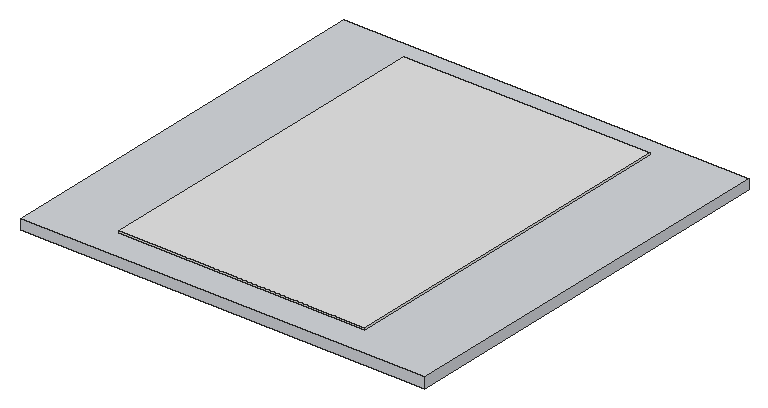
Revit family "26751", category Aparatos sanitarios, Revit 2017
Family settings
  Anfitrión = Cara
  Cota de conector redondo = Diámetro de uso
  Tipo de pieza = Normal
  Número OmniClass = 23.45.55.14
  Título OmniClass = Single Faucets
  Corte con vacíos al cargar = No
  Compartido = No
  Punto de cálculo de habitación = No
Parameters (values of type "26751")
  URL = "http://www.griferiasgalindo.com"
  Teléfono = "(+34) 915 782 575"
  TIPO DE AGUA = "Fria"
  REFERENCIA = "26751"
  Presión Máxima = "8 bar"
  PESO BRUTO = "1,100 Kg"
  Modelo = "PRESTO XT 2000 - UE Negro"
  Material = LATON CROMADO
  Imagen de tipo = <Ninguno>
  Fabricante = "PRESTO IBÉRICA"
  Default Elevation = 1219.2 mm
  ENTRADA = "Con latiguillos flexibles de 1/2\""
  Descripción = "Grifo temporalizado de un agua para instalación mural y apertura por pulsador."
  Código de montaje = "C1030220"
  Contacto = "info@prestoiberica.com"
  Conexión AF = yes
  Conexión AC = no
  Comentarios de tipo = "Cuerpo y pulsador en latón. Piezas inferiores en matieriales resistentes a la corrosión e incrustaciones calcáreas. Cabeza intercambiable.Suministrado con llave de paso y caja para empotrar, latiguillos flexibles en acero inoxidable de  1/2\". Caudal regulabre en función de la presión."
  CIERRE = "Automático en 6 seg."
  CAUDAL = "15 l/min"
  Accionamiento = "Mediante pulsador"
Reference planes
  plane 1 "Centro (Frontal/Posterior)": y = 0
  plane 2: z = 0
  plane 3 "Centro (Izquierda/Derecha)": x = 0
Forms (mm)
  Extrusion 1, solid
    sketch origin (0, 0, 0) x (1, 0, 0) y (0, 1, 0)
      loop
        line (-100, 100) -> (-100, -100) -> (100, -100) -> (100, 100) -> (-100, 100)
    from 0 to -5
  Extrusion 2, solid, material "LATON CROMADO"
    sketch origin (0, 0, 2) x (0, 1, 0) y (-1, 0, 0)
      loop
        line (-88, 61) -> (-88, -61) -> (88, -61) -> (88, 61) -> (-88, 61)
    from 0 to 1
Dimensions and locks
  Extrusion 1 sketch curve to plane 1 "Centro (Frontal/Posterior)" = 100 mm
  aligned and locked: plane 2 to Extrusion 1
  aligned and locked: level to Extrusion 1
Connectors
  piping at (0, 69.2, -42.5), diameter 12.7
    settings: on import instance, index 1, connector inside diameter 609.6 mm, connector length 0 mm, flow factor 0, pipe flow 0.0 L/s, pressure drop 0.0 Pa, fitting loss kfactor 0, connector angle 0.00°, fixture units 0, engagement length 0 mm, angle of deflection 0.00°, flow configuration 0, flow direction 1, fitting loss method 0, system type 20, joint type 0, gender type 0, connector reference index -1, connector utility 0, adjustable connector no, is connector primary yes, connector description ""
